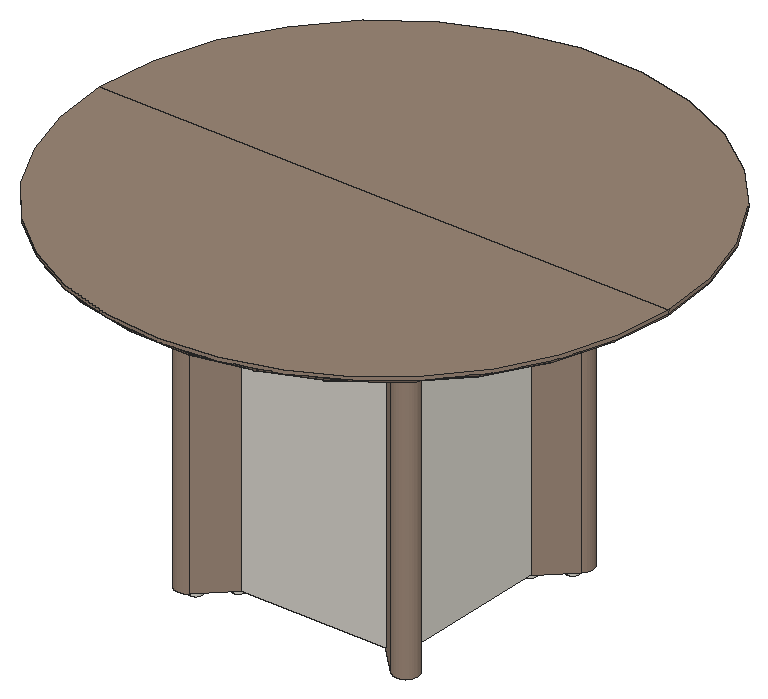
Revit family "Table-Teknion-CFRBKN_Figure_Table_Round_Gable_Enclosed_Base_Butter_Knife_Edge-R2023", category Furniture, Revit 2023
Family settings
  OmniClass Number = 23.40.20.00
  OmniClass Title = General Furniture and Specialties
  Work Plane-Based = No
  Enable Cutting in Views = No
  Always vertical = Yes
  Cut with Voids When Loaded = No
  Render Appearance Source = Family Geometry
  Shared = Yes
  Room Calculation Point = No
Parameters (values of type "Figure Table, Round, Gable Enclosed Base, Butter Knife Edge")
  Width [instance] = 48.000"
  Warranty = "http://www.teknion.com/ca/papers/legal-canada"
  Unit Weight URL = "http://www.teknion.com/ca/tools/assets#&asset=bee6a381-b954-425e-8283-5a2de3a804f2,f828d448-4b62-4231-9e5f-9a8991c0ed77"
  URL = "www.teknion.com"
  Top Finish [instance] = Veneer -Teknion - UU - Rustic Oak - Sierra
  To render please download texture images found here [instance] = "https://assets.teknion.com/web/5e81352c1dfdb467/revit-material-swatches/"
  Sustainability Data = "https://www.teknion.com/ca/tools/assets#&topic=216f99a5-57a0-44fc-b10a-9dee9b29ae4c&asset=444deb64-fe58-4b68-981e-f75e97781df7,b4ff2d81-9f2e-437d-9659-7cffb09c31cf"
  Surface Power Access [instance] = if(Width > 75.000", "Select one option for surface power access. AB are not available for selected width.", if(Width = 48.000", "Only NN available for selected width.", "Select one option for surface power access. AF are not available for selected width."))  # "Only NN available for selected width."
  Series = "Custom Wood Boardroom & Reception Tables"  # constant formula
  Product Page URL = "https://www.teknion.com/ca/products/product-details?productLineId=f182336e-8e7a-673b-a6c8-ff00004460c4"
  Product Line = "Figure Table"  # constant formula
  Product Documentation Link = "https://d2r72yk5wmppdj.cloudfront.net/m/7b6608f508e3c5a8/Community_Table_Cut_Sheet.pdf"
  Part Number = "CFRBKN"  # constant formula
  NN - None [instance] = not((or([AB - 7" Compact Access Door], [AF - 12" Standard Access Door])))  # yes
  Model = "CFRBKN__"
  Manufacturer Phone = "416-661-3370"  # constant formula
  Manufacturer Fax = "416.661.4586"  # constant formula
  Manufacturer Contact Information = "http://www.teknion.com/ca/contactus"
  Manufacturer Address = "1150 Flint Road, Toronto, ON. M3J 2J5. Canada"  # constant formula
  Manufacturer = "Teknion"  # constant formula
  MR - 78W + AF [instance] = and(Width = 78.000", [AF - 12" Standard Access Door])  # no
  How To Use Teknion Materials User Guide [instance] = "https://assets.teknion.com/m/205dd0a49fa58060/original/How-to-add-a-Material-Library-and-Texture-Images-to-your-Revit-project.pdf"
  Glide Finish [instance] = Paint - Teknion - Foundation - Sand
  For Additional Finishes please visit [instance] = "https://assets.teknion.com/m/44a8009b046e5d47/original/Teknion_Materials_Library.zip"
  Dim 1 [instance] = if([2 - AB], 6.000", if(Width = 90.000", 15.000", if(Width = 84.000", 12.000", 9.000")))  # 9.000"
  Description = "Figure Table, Round, Gable Enclosed Base, Butter Knife Edge"
  Default Elevation = 0.000"
  Cut-Out - AF [instance] = if([AF - 12" Standard Access Door], 5.000", 0.300")  # 0.300"
  Cut-Out - AB 2 [instance] = if([2 - AB], 4.000", 0.300")  # 0.300"
  Cut-Out - AB 1 [instance] = if([1 - AB], 4.000", 0.300")  # 0.300"
  Base Finish [instance] = Veneer -Teknion - UU - Rustic Oak - Sierra
  Base Accent Finish [instance] = Paint - Teknion - Foundation - Sand
  Available Width [instance] = "48, 54, 60, 66, 72, 78, 84 & 90 Inch"  # constant formula
  Assembly Code = "E2020200"
  Access Door Finish [instance] = Paint - Teknion - Foundation - Sand
  AF - 12" Standard Access Door [instance] = no
  AB - 7" Compact Access Door [instance] = no
  2 - AB [instance] = and((or(Width = 66.000", Width = 72.000")), [AB - 7" Compact Access Door])  # no
  1 - AB [instance] = and((or(Width = 54.000", Width = 60.000")), [AB - 7" Compact Access Door])  # no
Reference planes (in)
  plane 1 "Center Front/Back": y = 0
  plane 2: z = 0
  plane 3 "Center Left/Right": x = 0
  plane 4 "Left": x = -24
  plane 5 "Right": x = 24
  plane 6 "Back": y = 24
  plane 7 "Front": y = -24
  plane 8 "Top": z = 29
  plane 9: y = 9
  plane 10: y = -9
  plane 11: z = 27.5
  plane 12: z = 26.75197
Forms (in)
  Revolve 1, solid, material "Veneer -Teknion - UU - Rustic Oak - Sierra" <- "Top Finish"
    sketch origin (0, 0, 0) x (1, 0, 0) y (0, 0, 1)
      loop
        line (0, 29) -> (0, 27.5) -> (21.25591, 27.5) -> (23.43701, 28.29386)
        arc (23.43701, 28.29386) -> (23.62979, 28.37996) -> (23.80846, 28.49249) r 1.48819
        arc (23.80846, 28.49249) -> (23.91865, 28.59654) -> (24, 28.72441) r 0.61417
        line (24, 28.72441) -> (24, 29) -> (0, 29)
      axis (0, 29) -> (0, 27.5)
    angle from 0 to 360
  Revolve 2, solid, material "Veneer -Teknion - UU - Rustic Oak - Sierra" <- "Top Finish"
    sketch origin (0, 0, 0) x (1, 0, 0) y (0, 0, 1)
      loop
        line (7, 27.5) -> (7, 26.75197) -> (16, 26.75197) -> (16, 27.5) -> (7, 27.5)
      axis (0, 27.5) -> (0, 26.75197)
    angle from 0 to 360
  Sweep 3, void
    path origin (0, 0, 0) x (1, 0, 0) y (0, 0, 1)
      loop
        line (0, 32.19606) -> (0, 32.49606)
    profile origin (0, 0, 32.34606) x (-1, 0, 0) y (0, -1, 0)
      loop
        line (-5.91732, 11.29921) -> (-5.91732, 6.70079)
        arc (-5.91732, 6.70079) -> (-5.80201, 6.4224) -> (-5.52362, 6.30709) r 0.3937
        line (-5.52362, 6.30709) -> (5.52362, 6.30709)
        arc (5.52362, 6.30709) -> (5.80201, 6.4224) -> (5.91732, 6.70079) r 0.3937
        line (5.91732, 6.70079) -> (5.91732, 11.29921)
        arc (5.91732, 11.29921) -> (5.80201, 11.5776) -> (5.52362, 11.69291) r 0.3937
        line (5.52362, 11.69291) -> (-5.52362, 11.69291)
        arc (-5.52362, 11.69291) -> (-5.80201, 11.5776) -> (-5.91732, 11.29921) r 0.3937
      loop
        line (-5.91732, -6.70079) -> (-5.91732, -11.29921)
        arc (-5.91732, -11.29921) -> (-5.80201, -11.5776) -> (-5.52362, -11.69291) r 0.3937
        line (-5.52362, -11.69291) -> (5.52362, -11.69291)
        arc (5.52362, -11.69291) -> (5.80201, -11.5776) -> (5.91732, -11.29921) r 0.3937
        line (5.91732, -11.29921) -> (5.91732, -6.70079)
        arc (5.91732, -6.70079) -> (5.80201, -6.4224) -> (5.52362, -6.30709) r 0.3937
        line (5.52362, -6.30709) -> (-5.52362, -6.30709)
        arc (-5.52362, -6.30709) -> (-5.80201, -6.4224) -> (-5.91732, -6.70079) r 0.3937
  Sweep 4, void
    path origin (0, 0, 0) x (1, 0, 0) y (0, 0, 1)
      loop
        line (0, 22.79606) -> (0, 22.49606)
    profile origin (0, 0, 22.64606) x (0, -1, 0) y (1, 0, 0)
      loop
        line (5.25, 8) -> (5.25, -8)
        arc (5.25, -8) -> (5.39645, -8.35355) -> (5.75, -8.5) r 0.5
        line (5.75, -8.5) -> (12.25, -8.5)
        arc (12.25, -8.5) -> (12.60355, -8.35355) -> (12.75, -8) r 0.5
        line (12.75, -8) -> (12.75, 8)
        arc (12.75, 8) -> (12.60355, 8.35355) -> (12.25, 8.5) r 0.5
        line (12.25, 8.5) -> (5.75, 8.5)
        arc (5.75, 8.5) -> (5.39645, 8.35355) -> (5.25, 8) r 0.5
      loop
        line (-5.25, -8) -> (-5.25, 8)
        arc (-5.25, 8) -> (-5.39645, 8.35355) -> (-5.75, 8.5) r 0.5
        line (-5.75, 8.5) -> (-12.25, 8.5)
        arc (-12.25, 8.5) -> (-12.60355, 8.35355) -> (-12.75, 8) r 0.5
        line (-12.75, 8) -> (-12.75, -8)
        arc (-12.75, -8) -> (-12.60355, -8.35355) -> (-12.25, -8.5) r 0.5
        line (-12.25, -8.5) -> (-5.75, -8.5)
        arc (-5.75, -8.5) -> (-5.39645, -8.35355) -> (-5.25, -8) r 0.5
  Sweep 5, void
    path origin (0, 0, 0) x (1, 0, 0) y (0, 0, 1)
      loop
        line (0, 31.2) -> (0, 31.5)
    profile origin (0, 0, 31.35) x (-1, 0, 0) y (0, -1, 0)
      loop
        line (3.00394, 2.69291) -> (-3.00394, 2.69291)
        arc (-3.00394, 2.69291) -> (-3.28233, 2.5776) -> (-3.39764, 2.29921) r 0.3937
        line (-3.39764, 2.29921) -> (-3.39764, -2.29921)
        arc (-3.39764, -2.29921) -> (-3.28233, -2.5776) -> (-3.00394, -2.69291) r 0.3937
        line (-3.00394, -2.69291) -> (3.00394, -2.69291)
        arc (3.00394, -2.69291) -> (3.28233, -2.5776) -> (3.39764, -2.29921) r 0.3937
        line (3.39764, -2.29921) -> (3.39764, 2.29921)
        arc (3.39764, 2.29921) -> (3.28233, 2.5776) -> (3.00394, 2.69291) r 0.3937
  Sweep 6, void
    path origin (0, 0, 0) x (1, 0, 0) y (0, 0, 1)
      loop
        line (0, 31.5) -> (0, 31.2)
    profile origin (0, 0, 31.35) x (0, -1, 0) y (1, 0, 0)
      loop
        line (6.30709, 3.00394) -> (6.30709, -3.00394)
        arc (6.30709, -3.00394) -> (6.4224, -3.28233) -> (6.70079, -3.39764) r 0.3937
        line (6.70079, -3.39764) -> (11.29921, -3.39764)
        arc (11.29921, -3.39764) -> (11.5776, -3.28233) -> (11.69291, -3.00394) r 0.3937
        line (11.69291, -3.00394) -> (11.69291, 3.00394)
        arc (11.69291, 3.00394) -> (11.5776, 3.28233) -> (11.29921, 3.39764) r 0.3937
        line (11.29921, 3.39764) -> (6.70079, 3.39764)
        arc (6.70079, 3.39764) -> (6.4224, 3.28233) -> (6.30709, 3.00394) r 0.3937
      loop
        arc (-6.30709, 3.00394) -> (-6.4224, 3.28233) -> (-6.70079, 3.39764) r 0.3937
        line (-6.70079, 3.39764) -> (-11.29921, 3.39764)
        arc (-11.29921, 3.39764) -> (-11.5776, 3.28233) -> (-11.69291, 3.00394) r 0.3937
        line (-11.69291, 3.00394) -> (-11.69291, -3.00394)
        arc (-11.69291, -3.00394) -> (-11.5776, -3.28233) -> (-11.29921, -3.39764) r 0.3937
        line (-11.29921, -3.39764) -> (-6.70079, -3.39764)
        arc (-6.70079, -3.39764) -> (-6.4224, -3.28233) -> (-6.30709, -3.00394) r 0.3937
        line (-6.30709, -3.00394) -> (-6.30709, 3.00394)
  Sweep 7, void
    path origin (0, 0, 0) x (1, 0, 0) y (0, 0, 1)
      loop
        line (0, 23.5) -> (0, 23.8)
    profile origin (0, 0, 23.65) x (-1, 0, 0) y (0, -1, 0)
      loop
        line (-6, 12.25) -> (-6, 5.75)
        arc (-6, 5.75) -> (-5.85355, 5.39645) -> (-5.5, 5.25) r 0.5
        line (-5.5, 5.25) -> (5.5, 5.25)
        arc (5.5, 5.25) -> (5.85355, 5.39645) -> (6, 5.75) r 0.5
        line (6, 5.75) -> (6, 12.25)
        arc (6, 12.25) -> (5.85355, 12.60355) -> (5.5, 12.75) r 0.5
        line (5.5, 12.75) -> (-5.5, 12.75)
        arc (-5.5, 12.75) -> (-5.85355, 12.60355) -> (-6, 12.25) r 0.5
      loop
        arc (-6, -12.25) -> (-5.85355, -12.60355) -> (-5.5, -12.75) r 0.5
        line (-5.5, -12.75) -> (5.5, -12.75)
        arc (5.5, -12.75) -> (5.85355, -12.60355) -> (6, -12.25) r 0.5
        line (6, -12.25) -> (6, -5.75)
        arc (6, -5.75) -> (5.85355, -5.39645) -> (5.5, -5.25) r 0.5
        line (5.5, -5.25) -> (-5.5, -5.25)
        arc (-5.5, -5.25) -> (-5.85355, -5.39645) -> (-6, -5.75) r 0.5
        line (-6, -5.75) -> (-6, -12.25)
Cuts and joins
  Sweep 3, Sweep 5, Sweep 6 cuts Revolve 1
  Sweep 4, Sweep 7 cuts Revolve 2
  joined: Revolve 1, Revolve 2
Lines and regions (in)
  Masking region 1, visible <- "NN - None"
    outline origin (0, 0, 0) x (1, 0, 0) y (0, 1, 0)
      loop
        circle (0, 0) r 24
  Masking region 2, visible <- "1 - AB"
    outline origin (0, 0, 0) x (1, 0, 0) y (0, 1, 0)
      loop
        circle (0, 0) r 24
      loop
        arc (3.0315, 1.96727) -> (3.11414, 1.93304) -> (3.14837, 1.85039) r 0.11687
        line (3.14837, 1.85039) -> (3.14837, 1.55173) -> (3.22045, 1.55173) -> (3.22045, 2.28346)
        arc (3.22045, 2.28346) -> (3.15242, 2.4477) -> (2.98819, 2.51573) r 0.23226
        line (2.98819, 2.51573) -> (-2.98819, 2.51573)
        arc (-2.98819, 2.51573) -> (-3.15242, 2.4477) -> (-3.22045, 2.28346) r 0.23226
        line (-3.22045, 2.28346) -> (-3.22045, 1.55173) -> (-3.14837, 1.55173) -> (-3.14837, 1.85039)
        arc (-3.14837, 1.85039) -> (-3.11414, 1.93304) -> (-3.0315, 1.96727) r 0.11687
        line (-3.0315, 1.96727) -> (3.0315, 1.96727)
      loop
        arc (-3.0315, -1.96727) -> (-3.11414, -1.93304) -> (-3.14837, -1.85039) r 0.11687
        line (-3.14837, -1.85039) -> (-3.14837, -1.55173) -> (-3.22045, -1.55173) -> (-3.22045, -2.28346)
        arc (-3.22045, -2.28346) -> (-3.15242, -2.4477) -> (-2.98819, -2.51573) r 0.23226
        line (-2.98819, -2.51573) -> (2.98819, -2.51573)
        arc (2.98819, -2.51573) -> (3.15242, -2.4477) -> (3.22045, -2.28346) r 0.23226
        line (3.22045, -2.28346) -> (3.22045, -1.55173) -> (3.14837, -1.55173) -> (3.14837, -1.85039)
        arc (3.14837, -1.85039) -> (3.11414, -1.93304) -> (3.0315, -1.96727) r 0.11687
        line (3.0315, -1.96727) -> (-3.0315, -1.96727)
  Masking region 3, visible <- "AF - 12" Standard Access Door"
    outline origin (0, 0, 0) x (1, 0, 0) y (0, 1, 0)
      loop
        circle (0, 0) r 24
      loop
        arc (-5.55118, -10.96727) -> (-5.63382, -10.93304) -> (-5.66805, -10.85039) r 0.11687
        line (-5.66805, -10.85039) -> (-5.66805, -10.55173) -> (-5.74014, -10.55173) -> (-5.74014, -11.28346)
        arc (-5.74014, -11.28346) -> (-5.67211, -11.4477) -> (-5.50787, -11.51573) r 0.23226
        line (-5.50787, -11.51573) -> (5.50787, -11.51573)
        arc (5.50787, -11.51573) -> (5.67211, -11.4477) -> (5.74014, -11.28346) r 0.23226
        line (5.74014, -11.28346) -> (5.74014, -10.55173) -> (5.66805, -10.55173) -> (5.66805, -10.85039)
        arc (5.66805, -10.85039) -> (5.63382, -10.93304) -> (5.55118, -10.96727) r 0.11687
        line (5.55118, -10.96727) -> (-5.55118, -10.96727)
      loop
        arc (-5.50787, -6.48427) -> (-5.67211, -6.5523) -> (-5.74014, -6.71654) r 0.23226
        line (-5.74014, -6.71654) -> (-5.74014, -7.44827) -> (-5.66805, -7.44827) -> (-5.66805, -7.14961)
        arc (-5.66805, -7.14961) -> (-5.63382, -7.06696) -> (-5.55118, -7.03273) r 0.11687
        line (-5.55118, -7.03273) -> (5.55118, -7.03273)
        arc (5.55118, -7.03273) -> (5.63382, -7.06696) -> (5.66805, -7.14961) r 0.11687
        line (5.66805, -7.14961) -> (5.66805, -7.44827) -> (5.74014, -7.44827) -> (5.74014, -6.71654)
        arc (5.74014, -6.71654) -> (5.67211, -6.5523) -> (5.50787, -6.48427) r 0.23226
        line (5.50787, -6.48427) -> (-5.50787, -6.48427)
      loop
        arc (5.55118, 10.96727) -> (5.63382, 10.93304) -> (5.66805, 10.85039) r 0.11687
        line (5.66805, 10.85039) -> (5.66805, 10.55173) -> (5.74014, 10.55173) -> (5.74014, 11.28346)
        arc (5.74014, 11.28346) -> (5.67211, 11.4477) -> (5.50787, 11.51573) r 0.23226
        line (5.50787, 11.51573) -> (-5.50787, 11.51573)
        arc (-5.50787, 11.51573) -> (-5.67211, 11.4477) -> (-5.74014, 11.28346) r 0.23226
        line (-5.74014, 11.28346) -> (-5.74014, 10.55173) -> (-5.66805, 10.55173) -> (-5.66805, 10.85039)
        arc (-5.66805, 10.85039) -> (-5.63382, 10.93304) -> (-5.55118, 10.96727) r 0.11687
        line (-5.55118, 10.96727) -> (5.55118, 10.96727)
      loop
        arc (-5.55118, 7.03273) -> (-5.63382, 7.06696) -> (-5.66805, 7.14961) r 0.11687
        line (-5.66805, 7.14961) -> (-5.66805, 7.44827) -> (-5.74014, 7.44827) -> (-5.74014, 6.71654)
        arc (-5.74014, 6.71654) -> (-5.67211, 6.5523) -> (-5.50787, 6.48427) r 0.23226
        line (-5.50787, 6.48427) -> (5.50787, 6.48427)
        arc (5.50787, 6.48427) -> (5.67211, 6.5523) -> (5.74014, 6.71654) r 0.23226
        line (5.74014, 6.71654) -> (5.74014, 7.44827) -> (5.66805, 7.44827) -> (5.66805, 7.14961)
        arc (5.66805, 7.14961) -> (5.63382, 7.06696) -> (5.55118, 7.03273) r 0.11687
        line (5.55118, 7.03273) -> (-5.55118, 7.03273)
  Masking region 4, visible <- "2 - AB"
    outline origin (0, 0, 0) x (1, 0, 0) y (0, 1, 0)
      loop
        circle (0, 0) r 24
      loop
        arc (3.0315, 10.96727) -> (3.11414, 10.93304) -> (3.14837, 10.85039) r 0.11687
        line (3.14837, 10.85039) -> (3.14837, 10.55173) -> (3.22045, 10.55173) -> (3.22045, 11.28346)
        arc (3.22045, 11.28346) -> (3.15242, 11.4477) -> (2.98819, 11.51573) r 0.23226
        line (2.98819, 11.51573) -> (-2.98819, 11.51573)
        arc (-2.98819, 11.51573) -> (-3.15242, 11.4477) -> (-3.22045, 11.28346) r 0.23226
        line (-3.22045, 11.28346) -> (-3.22045, 10.55173) -> (-3.14837, 10.55173) -> (-3.14837, 10.85039)
        arc (-3.14837, 10.85039) -> (-3.11414, 10.93304) -> (-3.0315, 10.96727) r 0.11687
        line (-3.0315, 10.96727) -> (3.0315, 10.96727)
      loop
        arc (-3.0315, 7.03273) -> (-3.11414, 7.06696) -> (-3.14837, 7.14961) r 0.11687
        line (-3.14837, 7.14961) -> (-3.14837, 7.44827) -> (-3.22045, 7.44827) -> (-3.22045, 6.71654)
        arc (-3.22045, 6.71654) -> (-3.15242, 6.5523) -> (-2.98819, 6.48427) r 0.23226
        line (-2.98819, 6.48427) -> (2.98819, 6.48427)
        arc (2.98819, 6.48427) -> (3.15242, 6.5523) -> (3.22045, 6.71654) r 0.23226
        line (3.22045, 6.71654) -> (3.22045, 7.44827) -> (3.14837, 7.44827) -> (3.14837, 7.14961)
        arc (3.14837, 7.14961) -> (3.11414, 7.06696) -> (3.0315, 7.03273) r 0.11687
        line (3.0315, 7.03273) -> (-3.0315, 7.03273)
      loop
        arc (3.0315, -7.03273) -> (3.11414, -7.06696) -> (3.14837, -7.14961) r 0.11687
        line (3.14837, -7.14961) -> (3.14837, -7.44827) -> (3.22045, -7.44827) -> (3.22045, -6.71654)
        arc (3.22045, -6.71654) -> (3.15242, -6.5523) -> (2.98819, -6.48427) r 0.23226
        line (2.98819, -6.48427) -> (-2.98819, -6.48427)
        arc (-2.98819, -6.48427) -> (-3.15242, -6.5523) -> (-3.22045, -6.71654) r 0.23226
        line (-3.22045, -6.71654) -> (-3.22045, -7.44827) -> (-3.14837, -7.44827) -> (-3.14837, -7.14961)
        arc (-3.14837, -7.14961) -> (-3.11414, -7.06696) -> (-3.0315, -7.03273) r 0.11687
        line (-3.0315, -7.03273) -> (3.0315, -7.03273)
      loop
        arc (-3.0315, -10.96727) -> (-3.11414, -10.93304) -> (-3.14837, -10.85039) r 0.11687
        line (-3.14837, -10.85039) -> (-3.14837, -10.55173) -> (-3.22045, -10.55173) -> (-3.22045, -11.28346)
        arc (-3.22045, -11.28346) -> (-3.15242, -11.4477) -> (-2.98819, -11.51573) r 0.23226
        line (-2.98819, -11.51573) -> (2.98819, -11.51573)
        arc (2.98819, -11.51573) -> (3.15242, -11.4477) -> (3.22045, -11.28346) r 0.23226
        line (3.22045, -11.28346) -> (3.22045, -10.55173) -> (3.14837, -10.55173) -> (3.14837, -10.85039)
        arc (3.14837, -10.85039) -> (3.11414, -10.93304) -> (3.0315, -10.96727) r 0.11687
        line (3.0315, -10.96727) -> (-3.0315, -10.96727)
  Masking region 5, visible <- "1 - AB"
    outline origin (0, 0, 0) x (1, 0, 0) y (0, 1, 0)
      loop
        line (-0.55305, 1.96727) -> (-1.10151, 2.51573) -> (-2.98819, 2.51573)
        arc (-2.98819, 2.51573) -> (-3.15242, 2.4477) -> (-3.22045, 2.28346) r 0.23226
        line (-3.22045, 2.28346) -> (-3.22045, 1.80624) -> (-3.14837, 1.73416) -> (-3.14837, 1.85039)
        arc (-3.14837, 1.85039) -> (-3.11414, 1.93304) -> (-3.0315, 1.96727) r 0.11687
        line (-3.0315, 1.96727) -> (-0.55305, 1.96727)
      loop
        line (0.55305, 1.96727) -> (3.0315, 1.96727)
        arc (3.0315, 1.96727) -> (3.11414, 1.93304) -> (3.14837, 1.85039) r 0.11687
        line (3.14837, 1.85039) -> (3.14837, 1.73416) -> (3.22045, 1.80624) -> (3.22045, 2.28346)
        arc (3.22045, 2.28346) -> (3.15242, 2.4477) -> (2.98819, 2.51573) r 0.23226
        line (2.98819, 2.51573) -> (1.10151, 2.51573) -> (0.55305, 1.96727)
      loop
        arc (-3.0315, -1.96727) -> (-3.11414, -1.93304) -> (-3.14837, -1.85039) r 0.11687
        line (-3.14837, -1.85039) -> (-3.14837, -1.73416) -> (-3.22045, -1.80624) -> (-3.22045, -2.28346)
        arc (-3.22045, -2.28346) -> (-3.15242, -2.4477) -> (-2.98819, -2.51573) r 0.23226
        line (-2.98819, -2.51573) -> (-1.10151, -2.51573) -> (-0.55305, -1.96727) -> (-3.0315, -1.96727)
      loop
        arc (2.98819, -2.51573) -> (3.15242, -2.4477) -> (3.22045, -2.28346) r 0.23226
        line (3.22045, -2.28346) -> (3.22045, -1.80624) -> (3.14837, -1.73416) -> (3.14837, -1.85039)
        arc (3.14837, -1.85039) -> (3.11414, -1.93304) -> (3.0315, -1.96727) r 0.11687
        line (3.0315, -1.96727) -> (0.55305, -1.96727) -> (1.10151, -2.51573) -> (2.98819, -2.51573)
  Masking region 6, visible <- "2 - AB"
    outline origin (0, 0, 0) x (1, 0, 0) y (0, 1, 0)
      loop
        line (-2.61852, -7.03273) -> (-2.07006, -6.48427) -> (-2.98819, -6.48427)
        arc (-2.98819, -6.48427) -> (-3.15242, -6.5523) -> (-3.22045, -6.71654) r 0.23226
        line (-3.22045, -6.71654) -> (-3.22045, -7.44827) -> (-3.14837, -7.44827) -> (-3.14837, -7.14961)
        arc (-3.14837, -7.14961) -> (-3.11414, -7.06696) -> (-3.0315, -7.03273) r 0.11687
        line (-3.0315, -7.03273) -> (-2.61852, -7.03273)
      loop
        line (2.61852, -7.03273) -> (3.0315, -7.03273)
        arc (3.0315, -7.03273) -> (3.11414, -7.06696) -> (3.14837, -7.14961) r 0.11687
        line (3.14837, -7.14961) -> (3.14837, -7.44827) -> (3.22045, -7.44827) -> (3.22045, -6.71654)
        arc (3.22045, -6.71654) -> (3.15242, -6.5523) -> (2.98819, -6.48427) r 0.23226
        line (2.98819, -6.48427) -> (2.07006, -6.48427) -> (2.61852, -7.03273)
      loop
        line (-2.61852, 7.03273) -> (-3.0315, 7.03273)
        arc (-3.0315, 7.03273) -> (-3.11414, 7.06696) -> (-3.14837, 7.14961) r 0.11687
        line (-3.14837, 7.14961) -> (-3.14837, 7.44827) -> (-3.22045, 7.44827) -> (-3.22045, 6.71654)
        arc (-3.22045, 6.71654) -> (-3.15242, 6.5523) -> (-2.98819, 6.48427) r 0.23226
        line (-2.98819, 6.48427) -> (-2.07006, 6.48427) -> (-2.61852, 7.03273)
      loop
        line (2.61852, 7.03273) -> (2.07006, 6.48427) -> (2.98819, 6.48427)
        arc (2.98819, 6.48427) -> (3.15242, 6.5523) -> (3.22045, 6.71654) r 0.23226
        line (3.22045, 6.71654) -> (3.22045, 7.44827) -> (3.14837, 7.44827) -> (3.14837, 7.14961)
        arc (3.14837, 7.14961) -> (3.11414, 7.06696) -> (3.0315, 7.03273) r 0.11687
        line (3.0315, 7.03273) -> (2.61852, 7.03273)
  Masking region 7, visible <- "MR - 78W + AF"
    outline origin (0, 0, 0) x (1, 0, 0) y (0, 1, 0)
      loop
        line (-5.74014, -7.15435) -> (-5.07006, -6.48427) -> (-5.50787, -6.48427)
        arc (-5.50787, -6.48427) -> (-5.67211, -6.5523) -> (-5.74014, -6.71654) r 0.23226
        line (-5.74014, -6.71654) -> (-5.74014, -7.15435)
      loop
        line (5.74014, -7.15435) -> (5.74014, -6.71654)
        arc (5.74014, -6.71654) -> (5.67211, -6.5523) -> (5.50787, -6.48427) r 0.23226
        line (5.50787, -6.48427) -> (5.07006, -6.48427) -> (5.74014, -7.15435)
      loop
        line (-5.74014, 7.15435) -> (-5.74014, 6.71654)
        arc (-5.74014, 6.71654) -> (-5.67211, 6.5523) -> (-5.50787, 6.48427) r 0.23226
        line (-5.50787, 6.48427) -> (-5.07006, 6.48427) -> (-5.74014, 7.15435)
      loop
        line (5.74014, 7.15435) -> (5.07006, 6.48427) -> (5.50787, 6.48427)
        arc (5.50787, 6.48427) -> (5.67211, 6.5523) -> (5.74014, 6.71654) r 0.23226
        line (5.74014, 6.71654) -> (5.74014, 7.15435)
  symbolic lines
    curve 1: line (0, -109.46563, 26.75197) -> (0, -109.46563, 30.75197)
    curve 2: line (0, -117.46563, 29) -> (0, -117.46563, 31.25)
  symbolic lines, style "FurnitureHiddenLines", visible <- "1 - AB", detail levels fine
    curve 3: line (3.00394, 2.69291, 0) -> (-3.00394, 2.69291, 0)
    curve 4: arc (-3.00394, 2.69291, 0) -> (-3.28233, 2.5776, 0) -> (-3.39764, 2.29921, 0) r 0.3937
    curve 5: line (-3.39764, 2.29921, 0) -> (-3.39764, -2.29921, 0)
    curve 6: arc (-3.39764, -2.29921, 0) -> (-3.28233, -2.5776, 0) -> (-3.00394, -2.69291, 0) r 0.3937
    curve 7: line (-3.00394, -2.69291, 0) -> (3.00394, -2.69291, 0)
    curve 8: arc (3.00394, -2.69291, 0) -> (3.28233, -2.5776, 0) -> (3.39764, -2.29921, 0) r 0.3937
    curve 9: line (3.39764, -2.29921, 0) -> (3.39764, 2.29921, 0)
    curve 10: arc (3.39764, 2.29921, 0) -> (3.28233, 2.5776, 0) -> (3.00394, 2.69291, 0) r 0.3937
  symbolic lines, style "FurnitureHiddenLines", visible <- "AF - 12" Standard Access Door", detail levels fine
    curve 11: line (5.52362, -6.30709, 0) -> (-5.52362, -6.30709, 0)
    curve 12: arc (-5.52362, -6.30709, 0) -> (-5.80201, -6.4224, 0) -> (-5.91732, -6.70079, 0) r 0.3937
    curve 13: line (-5.91732, -6.70079, 0) -> (-5.91732, -11.29921, 0)
    curve 14: arc (-5.91732, -11.29921, 0) -> (-5.80201, -11.5776, 0) -> (-5.52362, -11.69291, 0) r 0.3937
    curve 15: line (-5.52362, -11.69291, 0) -> (5.52362, -11.69291, 0)
    curve 16: arc (5.52362, -11.69291, 0) -> (5.80201, -11.5776, 0) -> (5.91732, -11.29921, 0) r 0.3937
    curve 17: line (5.91732, -11.29921, 0) -> (5.91732, -6.70079, 0)
    curve 18: arc (5.91732, -6.70079, 0) -> (5.80201, -6.4224, 0) -> (5.52362, -6.30709, 0) r 0.3937
    curve 19: line (-5.52362, 6.30709, 0) -> (5.52362, 6.30709, 0)
    curve 20: arc (5.52362, 6.30709, 0) -> (5.80201, 6.4224, 0) -> (5.91732, 6.70079, 0) r 0.3937
    curve 21: line (5.91732, 6.70079, 0) -> (5.91732, 11.29921, 0)
    curve 22: arc (5.91732, 11.29921, 0) -> (5.80201, 11.5776, 0) -> (5.52362, 11.69291, 0) r 0.3937
    curve 23: line (5.52362, 11.69291, 0) -> (-5.52362, 11.69291, 0)
    curve 24: arc (-5.52362, 11.69291, 0) -> (-5.80201, 11.5776, 0) -> (-5.91732, 11.29921, 0) r 0.3937
    curve 25: line (-5.91732, 11.29921, 0) -> (-5.91732, 6.70079, 0)
    curve 26: arc (-5.91732, 6.70079, 0) -> (-5.80201, 6.4224, 0) -> (-5.52362, 6.30709, 0) r 0.3937
  reference lines
    curve 27: line (-24, 24, 0) -> (24, 24, 0)
    curve 28: line (24, 24, 0) -> (24, -24, 0)
    curve 29: line (-24, -24, 0) -> (24, -24, 0)
    curve 30: line (-24, 24, 0) -> (-24, -24, 0)
  symbolic lines, style "FurnitureHiddenLines", visible <- "2 - AB", detail levels fine
    curve 31: line (-3.39764, 11.29921, 0) -> (-3.39764, 6.70079, 0)
    curve 32: arc (-3.39764, 6.70079, 0) -> (-3.28233, 6.4224, 0) -> (-3.00394, 6.30709, 0) r 0.3937
    curve 33: line (-3.00394, 6.30709, 0) -> (3.00394, 6.30709, 0)
    curve 34: arc (3.00394, 6.30709, 0) -> (3.28233, 6.4224, 0) -> (3.39764, 6.70079, 0) r 0.3937
    curve 35: line (3.39764, 6.70079, 0) -> (3.39764, 11.29921, 0)
    curve 36: arc (3.39764, 11.29921, 0) -> (3.28233, 11.5776, 0) -> (3.00394, 11.69291, 0) r 0.3937
    curve 37: line (3.00394, 11.69291, 0) -> (-3.00394, 11.69291, 0)
    curve 38: arc (-3.00394, 11.69291, 0) -> (-3.28233, 11.5776, 0) -> (-3.39764, 11.29921, 0) r 0.3937
    curve 39: line (-3.39764, -6.70079, 0) -> (-3.39764, -11.29921, 0)
    curve 40: arc (-3.39764, -11.29921, 0) -> (-3.28233, -11.5776, 0) -> (-3.00394, -11.69291, 0) r 0.3937
    curve 41: line (-3.00394, -11.69291, 0) -> (3.00394, -11.69291, 0)
    curve 42: arc (3.00394, -11.69291, 0) -> (3.28233, -11.5776, 0) -> (3.39764, -11.29921, 0) r 0.3937
    curve 43: line (3.39764, -11.29921, 0) -> (3.39764, -6.70079, 0)
    curve 44: arc (3.39764, -6.70079, 0) -> (3.28233, -6.4224, 0) -> (3.00394, -6.30709, 0) r 0.3937
    curve 45: line (3.00394, -6.30709, 0) -> (-3.00394, -6.30709, 0)
    curve 46: arc (-3.00394, -6.30709, 0) -> (-3.28233, -6.4224, 0) -> (-3.39764, -6.70079, 0) r 0.3937
  symbolic lines, style "FurnitureHiddenLines", detail levels medium+fine
    curve 47: arc (16, 0, 0) -> (0, 16, 0) -> (-16, 0, 0) r 16
    curve 48: arc (-16, 0, 0) -> (0, -16, 0) -> (16, 0, 0) r 16
Dimensions and locks (in)
  "Width": plane 4 "Left" to plane 5 "Right"
  "Width": plane 6 "Back" to plane 7 "Front"
  locked: plane 8 "Top" to level at 29
  equal spacing: plane 6 "Back", plane 1 "Center Front/Back", plane 7 "Front"
  equal spacing: plane 4 "Left", plane 3 "Center Left/Right", plane 5 "Right"
  "Dim 1": plane 9 to plane 1 "Center Front/Back"
  "Dim 1": plane 10 to plane 1 "Center Front/Back"
  plane 8 "Top" to plane 11 to plane 12 = 1.500" locked, 0.74803" locked
  curve 2 to curve 1 = 8.000"
  locked: Revolve 2 sketch curve to plane 5 "Right" at 8
  locked: Sweep 3 sketch curve to plane 8 "Top" at 3.49606
  "Cut-Out - AF": Sweep 3 sketch curve to Sweep 3 sketch curve
  Sweep 3 sketch curve to Sweep 3 sketch curve to nested 2 to Sweep 3 sketch curve to Sweep 3 sketch curve = 0.3937" locked, 5.52362" locked, 5.52362" locked, 0.3937" locked
  Sweep 3 sketch curve to Sweep 3 sketch curve to nested 2 to Sweep 3 sketch curve to Sweep 3 sketch curve = 0.3937" locked, 2.29921" locked, 2.29921" locked, 0.3937" locked
  Sweep 3 sketch curve to Sweep 3 sketch curve to plane 10 to Sweep 3 sketch curve to Sweep 3 sketch curve = 0.3937" locked, 2.29921" locked, 2.29921" locked, 0.3937" locked
  Sweep 3 sketch curve to Sweep 3 sketch curve to plane 3 "Center Left/Right" to Sweep 3 sketch curve to Sweep 3 sketch curve = 0.3937" locked, 5.52362" locked, 5.52362" locked, 0.3937" locked
  "Cut-Out - AF": Sweep 4 sketch curve to Sweep 4 sketch curve
  locked: plane 12 to Sweep 4 sketch curve at 4.25591
  Sweep 4 sketch curve to Sweep 4 sketch curve to plane 10 to Sweep 4 sketch curve to Sweep 4 sketch curve = 0.500" locked, 3.250" locked, 3.250" locked, 0.500" locked
  Sweep 4 sketch curve to Sweep 4 sketch curve to plane 3 "Center Left/Right" to Sweep 4 sketch curve to Sweep 4 sketch curve = 0.500" locked, 8.000" locked, 8.000" locked, 0.500" locked  (x2)
  Sweep 4 sketch curve to Sweep 4 sketch curve to plane 9 to Sweep 4 sketch curve to Sweep 4 sketch curve = 0.500" locked, 3.250" locked, 3.250" locked, 0.500" locked
  "Cut-Out - AB 1": Sweep 5 sketch curve to Sweep 5 sketch curve
  locked: Sweep 5 sketch curve to plane 8 "Top" at 2.5
  Sweep 5 sketch curve to Sweep 5 sketch curve to plane 1 "Center Front/Back" to Sweep 5 sketch curve to Sweep 5 sketch curve = 0.3937" locked, 2.29921" locked, 2.29921" locked, 0.3937" locked
  Sweep 5 sketch curve to Sweep 5 sketch curve to plane 3 "Center Left/Right" to Sweep 5 sketch curve to Sweep 5 sketch curve = 0.3937" locked, 3.00394" locked, 3.00394" locked, 0.3937" locked
  "Cut-Out - AB 2": Sweep 6 sketch curve to Sweep 6 sketch curve
  locked: Sweep 6 sketch curve to plane 8 "Top" at 2.5
  Sweep 6 sketch curve to Sweep 6 sketch curve to plane 9 to Sweep 6 sketch curve to Sweep 6 sketch curve = 0.3937" locked, 2.29921" locked, 2.29921" locked, 0.3937" locked
  Sweep 6 sketch curve to Sweep 6 sketch curve to plane 10 to Sweep 6 sketch curve to Sweep 6 sketch curve = 0.3937" locked, 2.29921" locked, 2.29921" locked, 0.3937" locked
  Sweep 6 sketch curve to Sweep 6 sketch curve to plane 3 "Center Left/Right" to Sweep 6 sketch curve to Sweep 6 sketch curve = 0.3937" locked, 3.00394" locked, 3.00394" locked, 0.3937" locked  (x2)
  locked: plane 12 to Sweep 7 sketch curve at 3.25197
  "Cut-Out - AB 2": Sweep 7 sketch curve to Sweep 7 sketch curve
  Sweep 7 sketch curve to Sweep 7 sketch curve to plane 3 "Center Left/Right" to Sweep 7 sketch curve to Sweep 7 sketch curve = 0.500" locked, 5.500" locked, 5.500" locked, 0.500" locked  (x2)
  Sweep 7 sketch curve to Sweep 7 sketch curve to plane 10 to Sweep 7 sketch curve to Sweep 7 sketch curve = 0.500" locked, 3.250" locked, 3.250" locked, 0.500" locked
  Sweep 7 sketch curve to Sweep 7 sketch curve to plane 9 to Sweep 7 sketch curve to Sweep 7 sketch curve = 0.500" locked, 3.250" locked, 3.250" locked, 0.500" locked
  locked: Revolve 2 sketch curve to plane 3 "Center Left/Right" at 7
  plane 10 to Masking region 6 sketch curve to Masking region 6 sketch curve to Masking region 6 sketch curve to Masking region 6 sketch curve to Masking region 6 sketch curve = 1.55173" locked, 0.29867" locked, 0.11687" locked, 0.3162" locked, 0.23226" locked  (x2)
  Masking region 6 sketch curve to Masking region 6 sketch curve to Masking region 6 sketch curve to Masking region 6 sketch curve to plane 3 "Center Left/Right" = 0.07208" locked, 0.52985" locked, 0.54846" locked, 2.07006" locked  (x4)
  plane 9 to Masking region 6 sketch curve to Masking region 6 sketch curve to Masking region 6 sketch curve to Masking region 6 sketch curve to Masking region 6 sketch curve = 1.55173" locked, 0.29867" locked, 0.11687" locked, 0.3162" locked, 0.23226" locked  (x2)
  Masking region 7 sketch curve to Masking region 7 sketch curve to Masking region 7 sketch curve to plane 3 "Center Left/Right" = 0.23226" locked, 0.43781" locked, 5.07006" locked  (x4)
  plane 10 to Masking region 7 sketch curve to Masking region 7 sketch curve = 1.84565" locked, 0.67007" locked  (x2)
  plane 9 to Masking region 7 sketch curve to Masking region 7 sketch curve = 1.84565" locked, 0.67007" locked  (x2)
  Revolve 1 sketch curve to Revolve 1 sketch curve to Revolve 1 sketch curve to Revolve 1 sketch curve to Revolve 1 sketch curve to plane 5 "Right" = 1.67211" locked, 0.50899" locked, 0.00809" locked, 0.36336" locked, 0.19154" locked
  aligned and locked: level to plane 2
  aligned and locked: Revolve 1 sketch curve to plane 8 "Top"
  aligned and locked: Revolve 1 sketch curve to plane 3 "Center Left/Right"  (x2)
  aligned and locked: plane 11 to Revolve 1 sketch curve
  aligned and locked: Revolve 2 sketch curve to plane 11
  aligned and locked: plane 12 to Revolve 2 sketch curve
  aligned and locked: Revolve 2 sketch curve to plane 3 "Center Left/Right"
  aligned and locked: plane 10 to nested 3
  aligned and locked: plane 3 "Center Left/Right" to nested 3
  aligned and locked: nested 2 to plane 9
  aligned and locked: plane 3 "Center Left/Right" to nested 2
  aligned and locked: plane 1 "Center Front/Back" to nested 1
  aligned and locked: plane 3 "Center Left/Right" to nested 1
  aligned and locked: plane 3 "Center Left/Right" to Sweep 3 sketch curve
  aligned and locked: plane 8 "Top" to nested 3
  aligned and locked: plane 8 "Top" to nested 2
  aligned and locked: plane 8 "Top" to nested 1
  aligned and locked: Sweep 4 sketch curve to plane 3 "Center Left/Right"
  aligned and locked: plane 3 "Center Left/Right" to Sweep 5 sketch curve
  aligned and locked: Masking region 1 sketch curve to cut or joined group of Revolve 1, Revolve 2, Sweep 3, Sweep 4, Sweep 5, Sweep 6, Sweep 7  (x2)
  aligned and locked: Masking region 2 sketch curve to cut or joined group of Revolve 1, Revolve 2, Sweep 3, Sweep 4, Sweep 5, Sweep 6, Sweep 7  (x2)
  aligned and locked: nested 1 to Masking region 2 sketch curve  (x5)
  aligned and locked: Masking region 2 sketch curve to nested 1  (x9)
  aligned and locked: Masking region 3 sketch curve to cut or joined group of Revolve 1, Revolve 2, Sweep 3, Sweep 4, Sweep 5, Sweep 6, Sweep 7  (x2)
  aligned and locked: nested 3 to Masking region 3 sketch curve  (x7)
  aligned and locked: Masking region 3 sketch curve to nested 3  (x9)
  aligned and locked: nested 2 to Masking region 3 sketch curve  (x5)
  aligned and locked: Masking region 3 sketch curve to nested 2  (x10)
  aligned and locked: curve 4 to Sweep 5
  aligned and locked: curve 6 to Sweep 5
  aligned and locked: curve 8 to Sweep 5
  aligned and locked: curve 10 to Sweep 5
  aligned and locked: curve 12 to Sweep 3
  aligned and locked: curve 14 to Sweep 3
  aligned and locked: curve 16 to Sweep 3
  aligned and locked: curve 18 to Sweep 3
  aligned and locked: curve 20 to Sweep 3
  aligned and locked: curve 22 to Sweep 3
  aligned and locked: curve 24 to Sweep 3
  aligned and locked: curve 26 to Sweep 3
  aligned and locked: curve 27 to plane 6 "Back"
  aligned and locked: plane 5 "Right" to curve 28
  aligned and locked: plane 7 "Front" to curve 29
  aligned and locked: curve 30 to plane 4 "Left"
  aligned and locked: plane 1 "Center Front/Back" to nested 4
  aligned and locked: plane 3 "Center Left/Right" to nested 4
  aligned and locked: nested 5 to plane 9
  aligned and locked: plane 10 to nested 6
  aligned and locked: plane 3 "Center Left/Right" to nested 6
  aligned and locked: plane 3 "Center Left/Right" to nested 5
  aligned and locked: Sweep 6 sketch curve to plane 3 "Center Left/Right"
  aligned and locked: plane 3 "Center Left/Right" to Sweep 7 sketch curve
  aligned and locked: curve 32 to Sweep 6
  aligned and locked: curve 34 to Sweep 6
  aligned and locked: curve 36 to Sweep 6
  aligned and locked: curve 38 to Sweep 6
  aligned and locked: curve 40 to Sweep 6
  aligned and locked: curve 42 to Sweep 6
  aligned and locked: curve 44 to Sweep 6
  aligned and locked: curve 46 to Sweep 6
  aligned and locked: Masking region 4 sketch curve to cut or joined group of Revolve 1, Revolve 2, Sweep 3, Sweep 4, Sweep 5, Sweep 6, Sweep 7  (x2)
  aligned and locked: nested 5 to Masking region 4 sketch curve  (x5)
  aligned and locked: Masking region 4 sketch curve to nested 5  (x9)
  aligned and locked: nested 6 to Masking region 4 sketch curve  (x5)
  aligned and locked: Masking region 4 sketch curve to nested 6  (x9)
  aligned and locked: plane 1 "Center Front/Back" to nested 7
  aligned and locked: nested 7 to plane 3 "Center Left/Right"
  aligned and locked: nested 7 to Masking region 5 sketch curve  (x7)
  aligned and locked: nested 1 to Masking region 5 sketch curve
  aligned and locked: Masking region 5 sketch curve to nested 1  (x8)
  aligned and locked: Masking region 5 sketch curve to nested 7
  aligned and locked: curve 47 to cut or joined group of Revolve 1, Revolve 2, Sweep 3, Sweep 4, Sweep 5, Sweep 6, Sweep 7
  aligned and locked: curve 48 to cut or joined group of Revolve 1, Revolve 2, Sweep 3, Sweep 4, Sweep 5, Sweep 6, Sweep 7
Automatic sketch dimensions
  curve 2 to plane 8 "Top" = 0.000"
  curve 1 to plane 12 = 0.000"
  plane 7 "Front" to curve 2 = 93.46563"
  plane 8 "Top" to curve 1 = 1.75197"
  plane 8 "Top" to curve 2 = 2.250"
  plane 1 "Center Front/Back" to Masking region 1 sketch curve = 0.000"  (x2)
  plane 1 "Center Front/Back" to Masking region 2 sketch curve = 0.000"  (x2)
  Masking region 2 sketch curve to Masking region 2 sketch curve = 0.000"
  plane 1 "Center Front/Back" to Masking region 3 sketch curve = 0.000"  (x2)
  plane 1 "Center Front/Back" to Masking region 4 sketch curve = 0.000"  (x2)
  Revolve 2 sketch curve to plane 12 = 6.39609"
  plane 8 "Top" to Revolve 2 sketch curve = 3.35588"
  plane 1 "Center Front/Back" to curve 47 = 0.000"  (x2)
  Revolve 1 sketch curve to Revolve 1 sketch curve = 0.26324"
  Revolve 1 sketch curve to plane 12 = 6.75197"
  Revolve 1 sketch curve to Revolve 1 sketch curve = 6.000"
  Revolve 1 sketch curve to Revolve 1 sketch curve = 0.27559"
  plane 5 "Right" to Revolve 1 sketch curve = 0.000"
Nested families (in)
  nested 1: "7 Inch Compact Recessed Access Door" at (-1350, 150, -0.06), visible <- "1 - AB", Finish <- "Access Door Finish", type "7 Inch Compact Recessed Access Door"
    with To render please download texture images found here "https://assets.teknion.com/web/5e81352c1dfdb467/revit-material-swatches/", How To Use Teknion Materials User Guide "https://assets.teknion.com/m/205dd0a49fa58060/original/How-to-add-a-Material-Library-and-Texture-Images-to-your-Revit-project.pdf", For Additional Finishes please visit "https://assets.teknion.com/m/44a8009b046e5d47/original/Teknion_Materials_Library.zip", Finish Paint - Teknion - Foundation - Sand
  nested 2: "12 Inch Standard Recessed Access Door" at (-1350, 159, -0.06), visible <- "AF - 12" Standard Access Door", Finish <- "Access Door Finish", type "12 Inch Compact Recessed Access Door"
    with To render please download texture images found here "https://assets.teknion.com/web/5e81352c1dfdb467/revit-material-swatches/", How To Use Teknion Materials User Guide "https://assets.teknion.com/m/205dd0a49fa58060/original/How-to-add-a-Material-Library-and-Texture-Images-to-your-Revit-project.pdf", For Additional Finishes please visit "https://assets.teknion.com/m/44a8009b046e5d47/original/Teknion_Materials_Library.zip", Finish Paint - Teknion - Foundation - Sand
  nested 3: "12 Inch Standard Recessed Access Door" at (-1350, 141, -0.06), visible <- "AF - 12" Standard Access Door", Finish <- "Access Door Finish", type "12 Inch Compact Recessed Access Door"
    with To render please download texture images found here "https://assets.teknion.com/web/5e81352c1dfdb467/revit-material-swatches/", How To Use Teknion Materials User Guide "https://assets.teknion.com/m/205dd0a49fa58060/original/How-to-add-a-Material-Library-and-Texture-Images-to-your-Revit-project.pdf", For Additional Finishes please visit "https://assets.teknion.com/m/44a8009b046e5d47/original/Teknion_Materials_Library.zip", Finish Paint - Teknion - Foundation - Sand
  nested 4: "Teknion_2D_Node_Family-R2016" at (0, 0, 0), type "Teknion_2D_Node_Family-R2016"
  nested 5: "7 Inch Compact Recessed Access Door" at (-1350, 159, -0.06), visible <- "2 - AB", Finish <- "Access Door Finish", type "7 Inch Compact Recessed Access Door"
    with To render please download texture images found here "https://assets.teknion.com/web/5e81352c1dfdb467/revit-material-swatches/", How To Use Teknion Materials User Guide "https://assets.teknion.com/m/205dd0a49fa58060/original/How-to-add-a-Material-Library-and-Texture-Images-to-your-Revit-project.pdf", For Additional Finishes please visit "https://assets.teknion.com/m/44a8009b046e5d47/original/Teknion_Materials_Library.zip", Finish Paint - Teknion - Foundation - Sand
  nested 6: "7 Inch Compact Recessed Access Door" at (-1350, 141, -0.06), visible <- "2 - AB", Finish <- "Access Door Finish", type "7 Inch Compact Recessed Access Door"
    with To render please download texture images found here "https://assets.teknion.com/web/5e81352c1dfdb467/revit-material-swatches/", How To Use Teknion Materials User Guide "https://assets.teknion.com/m/205dd0a49fa58060/original/How-to-add-a-Material-Library-and-Texture-Images-to-your-Revit-project.pdf", For Additional Finishes please visit "https://assets.teknion.com/m/44a8009b046e5d47/original/Teknion_Materials_Library.zip", Finish Paint - Teknion - Foundation - Sand
  nested 7: "Round - Gable Enclosed Base" at (0, 0, 0), Width <- "Width", Base Finish <- "Base Finish", Glide Finish <- "Glide Finish", Base Accent Finish <- "Base Accent Finish", type "Round, Gable Enclosed Base"
    with Width 48.000", To render please download texture images found here "https://assets.teknion.com/web/5e81352c1dfdb467/revit-material-swatches/", How To Use Teknion Materials User Guide "https://assets.teknion.com/m/205dd0a49fa58060/original/How-to-add-a-Material-Library-and-Texture-Images-to-your-Revit-project.pdf", Glide Finish Paint - Teknion - Foundation - Sand, For Additional Finishes please visit "https://assets.teknion.com/m/44a8009b046e5d47/original/Teknion_Materials_Library.zip", Dim 5 9.657", Dim 4 6.657", Dim 3 6.657", Dim 2 14.000", Dim 1 7.500", Base Finish Veneer -Teknion - UU - Rustic Oak - Sierra, Base Accent Finish Paint - Teknion - Foundation - Sand, Available Width "48, 54, 60, 66, 72, 78, 84 & 90 Inch"
Definition of nested family "7 Inch Compact Recessed Access Door"
  Parameters (values of type "7 Inch Compact Recessed Access Door")
    Warranty = "http://www.teknion.com/ca/papers/legal-canada"
    Unit Weight URL = "http://www.teknion.com/ca/tools/assets#&asset=bee6a381-b954-425e-8283-5a2de3a804f2,f828d448-4b62-4231-9e5f-9a8991c0ed77"
    URL = "www.teknion.com"
    To render please download texture images found here [instance] = "https://assets.teknion.com/web/5e81352c1dfdb467/revit-material-swatches/"
    Sustainability Data = "https://www.teknion.com/ca/tools/assets#&topic=216f99a5-57a0-44fc-b10a-9dee9b29ae4c&asset=444deb64-fe58-4b68-981e-f75e97781df7,b4ff2d81-9f2e-437d-9659-7cffb09c31cf"
    Series = ""
    Product Page URL = ""
    Product Line = ""
    Product Documentation Link = ""
    Part Number = ""
    Model = "1"
    Manufacturer Phone = "416-661-3370"  # constant formula
    Manufacturer Fax = "416.661.4586"  # constant formula
    Manufacturer Contact Information = "http://www.teknion.com/ca/contactus"
    Manufacturer Address = "1150 Flint Road, Toronto, ON. M3J 2J5. Canada"  # constant formula
    Manufacturer = "Teknion"  # constant formula
    How To Use Teknion Materials User Guide [instance] = "https://assets.teknion.com/m/205dd0a49fa58060/original/How-to-add-a-Material-Library-and-Texture-Images-to-your-Revit-project.pdf"
    For Additional Finishes please visit [instance] = "https://assets.teknion.com/m/44a8009b046e5d47/original/Teknion_Materials_Library.zip"
    Finish [instance] = none
    Description = "7 Inch Compact Recessed Access Door"
    Default Elevation = 0.000"
    Assembly Code = "E2020200"
  Reference planes (in)
    plane 1 "Center Front/Back": y = -150
    plane 2: z = 0
    plane 3 "Center Left/Right": x = 1350
    plane 4 "Left": x = 1346.49213
    plane 5 "Right": x = 1353.50787
    plane 6 "Back": y = -147.19685
    plane 7 "Front": y = -152.80315
    plane 8 "Top": z = 29.06
    plane 9: z = 29.13087
    plane 10: z = 27.55606
  Forms (in)
    Sweep 1, solid, material <- "Finish"
      path origin (0, -150, 0) x (1, 0, 0) y (0, 0, 1)
        loop
          line (1350, 29.0915) -> (1350, 28.93402)
      profile origin (1350, -150, 29.01276) x (0, -1, 0) y (1, 0, 0)
        loop
          line (-1.96727, 3.0315) -> (-1.96727, -3.0315)
          arc (-1.96727, -3.0315) -> (-1.93304, -3.11414) -> (-1.85039, -3.14837) r 0.11687
          line (-1.85039, -3.14837) -> (1.85039, -3.14837)
          arc (1.85039, -3.14837) -> (1.93304, -3.11414) -> (1.96727, -3.0315) r 0.11687
          line (1.96727, -3.0315) -> (1.96727, 3.0315)
          arc (1.96727, 3.0315) -> (1.93304, 3.11414) -> (1.85039, 3.14837) r 0.11687
          line (1.85039, 3.14837) -> (-1.85039, 3.14837)
          arc (-1.85039, 3.14837) -> (-1.93304, 3.11414) -> (-1.96727, 3.0315) r 0.11687
    Sweep 2, solid, material <- "Finish"
      path origin (0, 0, 0) x (1, 0, 0) y (0, 1, 0)
        loop
          line (1347.54528, -150.97077) -> (1348.02559, -150.97077)
      profile origin (1347.78543, -150.97077, 0) x (0, 1, 0) y (0, 0, 1)
        loop
          arc (-0.58221, 28.65831) -> (-0.29695, 28.37305) -> (-0.01169, 28.65831) r 0.28526
          line (-0.01169, 28.65831) -> (0, 28.99307) -> (-0.5939, 28.99307) -> (-0.58221, 28.65831)
    Sweep 3, solid, material <- "Finish"
      path origin (4.42913, 2.53543, 0) x (1, 0, 0) y (0, 1, 0)
        loop
          line (1347.54528, -150.97077) -> (1348.02559, -150.97077)
      profile origin (1352.21457, -148.43533, 0) x (0, 1, 0) y (0, 0, 1)
        loop
          arc (-0.58221, 28.65831) -> (-0.29695, 28.37305) -> (-0.01169, 28.65831) r 0.28526
          line (-0.01169, 28.65831) -> (0, 28.99307) -> (-0.5939, 28.99307) -> (-0.58221, 28.65831)
    Sweep 4, solid, material <- "Finish"
      path origin (0, 0, 0) x (1, 0, 0) y (0, 1, 0)
        loop
          line (1347.47244, -150) -> (1347.05512, -150)
      profile origin (1347.26378, -150, 0) x (0, -1, 0) y (0, 0, 1)
        loop
          line (1.26772, 28.9537) -> (-1.26772, 28.9537)
          arc (-1.26772, 28.9537) -> (-1.46955, 28.8701) -> (-1.55315, 28.66827) r 0.28543
          arc (-1.55315, 28.66827) -> (-1.46955, 28.46644) -> (-1.26772, 28.38283) r 0.28543
          line (-1.26772, 28.38283) -> (1.26772, 28.38283)
          arc (1.26772, 28.38283) -> (1.46955, 28.46644) -> (1.55315, 28.66827) r 0.28543
          arc (1.55315, 28.66827) -> (1.46955, 28.8701) -> (1.26772, 28.9537) r 0.28543
    Sweep 5, solid, material <- "Finish"
      path origin (2700, 0, 0) x (-1, 0, 0) y (0, -1, 0)
        loop
          line (1347.47244, 150) -> (1347.05512, 150)
      profile origin (1352.73622, -150, 0) x (0, 1, 0) y (0, 0, 1)
        loop
          arc (-1.26772, 28.9537) -> (-1.46955, 28.8701) -> (-1.55315, 28.66827) r 0.28543
          arc (-1.55315, 28.66827) -> (-1.46955, 28.46644) -> (-1.26772, 28.38283) r 0.28543
          line (-1.26772, 28.38283) -> (1.26772, 28.38283)
          arc (1.26772, 28.38283) -> (1.46955, 28.46644) -> (1.55315, 28.66827) r 0.28543
          arc (1.55315, 28.66827) -> (1.46955, 28.8701) -> (1.26772, 28.9537) r 0.28543
          line (1.26772, 28.9537) -> (-1.26772, 28.9537)
    Sweep 6, solid, material <- "Finish"
      path origin (0, -150, 0) x (1, 0, 0) y (0, 0, 1)
        loop
          line (1350, 28.30172) -> (1350, 27.55606)
      profile origin (1350, -150, 27.92889) x (0, -1, 0) y (1, 0, 0)
        loop
          line (1.35626, -3.311) -> (2.28346, -3.311)
          arc (2.28346, -3.311) -> (2.51173, -3.21645) -> (2.60628, -2.98819) r 0.32281
          line (2.60628, -2.98819) -> (2.60628, 2.98819)
          arc (2.60628, 2.98819) -> (2.51173, 3.21645) -> (2.28346, 3.311) r 0.32281
          line (2.28346, 3.311) -> (1.35626, 3.311) -> (-1.35626, 3.311) -> (-2.28346, 3.311)
          arc (-2.28346, 3.311) -> (-2.51173, 3.21645) -> (-2.60628, 2.98819) r 0.32281
          line (-2.60628, 2.98819) -> (-2.60628, -2.98819)
          arc (-2.60628, -2.98819) -> (-2.51173, -3.21645) -> (-2.28346, -3.311) r 0.32281
          line (-2.28346, -3.311) -> (-1.35626, -3.311) -> (1.35626, -3.311)
        loop
          arc (2.28346, -3.22045) -> (2.4477, -3.15242) -> (2.51573, -2.98819) r 0.23226
          line (2.51573, -2.98819) -> (2.51573, 2.98819)
          arc (2.51573, 2.98819) -> (2.4477, 3.15242) -> (2.28346, 3.22045) r 0.23226
          line (2.28346, 3.22045) -> (1.44686, 3.22045) -> (1.44686, 2.58268) -> (-1.44686, 2.58268) -> (-1.44686, 3.22045) -> (-2.28346, 3.22045)
          arc (-2.28346, 3.22045) -> (-2.4477, 3.15242) -> (-2.51573, 2.98819) r 0.23226
          line (-2.51573, 2.98819) -> (-2.51573, -2.98819)
          arc (-2.51573, -2.98819) -> (-2.4477, -3.15242) -> (-2.28346, -3.22045) r 0.23226
          line (-2.28346, -3.22045) -> (-1.44686, -3.22045) -> (-1.44686, -2.58268) -> (1.44686, -2.58268) -> (1.44686, -3.22045) -> (2.28346, -3.22045)
    SweptBlend 7, solid, material <- "Finish"
      path origin (0, -150, 0) x (1, 0, 0) y (0, 0, 1)
        loop
          line (1350, 28.30172) -> (1350, 29.06)
      profile origin (1350, -150, 28.30172) x (-1, 0, 0) y (0, -1, 0)
        loop
          line (2.98819, 2.60628) -> (-2.98819, 2.60628)
          arc (-2.98819, 2.60628) -> (-3.21645, 2.51173) -> (-3.311, 2.28346) r 0.32281
          line (-3.311, 2.28346) -> (-3.311, -2.28346)
          arc (-3.311, -2.28346) -> (-3.21645, -2.51173) -> (-2.98819, -2.60628) r 0.32281
          line (-2.98819, -2.60628) -> (2.98819, -2.60628)
          arc (2.98819, -2.60628) -> (3.21645, -2.51173) -> (3.311, -2.28346) r 0.32281
          line (3.311, -2.28346) -> (3.311, 2.28346)
          arc (3.311, 2.28346) -> (3.21645, 2.51173) -> (2.98819, 2.60628) r 0.32281
      end profile origin (1350, -150, 29.06) x (-1, 0, 0) y (0, -1, 0)
        loop
          line (2.98819, 2.64602) -> (-2.98819, 2.64602)
          arc (-2.98819, 2.64602) -> (-3.24455, 2.53983) -> (-3.35074, 2.28346) r 0.36255
          line (-3.35074, 2.28346) -> (-3.35074, -2.28346)
          arc (-3.35074, -2.28346) -> (-3.24455, -2.53983) -> (-2.98819, -2.64602) r 0.36255
          line (-2.98819, -2.64602) -> (2.98819, -2.64602)
          arc (2.98819, -2.64602) -> (3.24455, -2.53983) -> (3.35074, -2.28346) r 0.36255
          line (3.35074, -2.28346) -> (3.35074, 2.28346)
          arc (3.35074, 2.28346) -> (3.24455, 2.53983) -> (2.98819, 2.64602) r 0.36255
    SweptBlend 8, void
      path origin (0, -150, 0) x (1, 0, 0) y (0, 0, 1)
        loop
          line (1350, 28.30172) -> (1350, 29.13087)
      profile origin (1350, -150, 28.30172) x (-1, 0, 0) y (0, -1, 0)
        loop
          arc (-2.98819, 2.51573) -> (-3.15242, 2.4477) -> (-3.22045, 2.28346) r 0.23226
          line (-3.22045, 2.28346) -> (-3.22045, -2.28346)
          arc (-3.22045, -2.28346) -> (-3.15242, -2.4477) -> (-2.98819, -2.51573) r 0.23226
          line (-2.98819, -2.51573) -> (2.98819, -2.51573)
          arc (2.98819, -2.51573) -> (3.15242, -2.4477) -> (3.22045, -2.28346) r 0.23226
          line (3.22045, -2.28346) -> (3.22045, 2.28346)
          arc (3.22045, 2.28346) -> (3.15242, 2.4477) -> (2.98819, 2.51573) r 0.23226
          line (2.98819, 2.51573) -> (-2.98819, 2.51573)
      end profile origin (1350, -150, 29.13087) x (-1, 0, 0) y (0, -1, 0)
        loop
          arc (3.26378, 2.28346) -> (3.18306, 2.47834) -> (2.98819, 2.55906) r 0.27559
          line (2.98819, 2.55906) -> (-2.98819, 2.55906)
          arc (-2.98819, 2.55906) -> (-3.18306, 2.47834) -> (-3.26378, 2.28346) r 0.27559
          line (-3.26378, 2.28346) -> (-3.26378, -2.28346)
          arc (-3.26378, -2.28346) -> (-3.18306, -2.47834) -> (-2.98819, -2.55906) r 0.27559
          line (-2.98819, -2.55906) -> (2.98819, -2.55906)
          arc (2.98819, -2.55906) -> (3.18306, -2.47834) -> (3.26378, -2.28346) r 0.27559
          line (3.26378, -2.28346) -> (3.26378, 2.28346)
    Sweep 9, solid, material <- "Finish"
      path origin (0, -150, 0) x (1, 0, 0) y (0, 0, 1)
        loop
          line (1350, 29.13087) -> (1350, 29.06)
      profile origin (1350, -150, 29.09543) x (0, -1, 0) y (1, 0, 0)
        loop
          arc (-2.80315, -3.04331) -> (-2.66708, -3.37181) -> (-2.33858, -3.50787) r 0.46457
          line (-2.33858, -3.50787) -> (2.33858, -3.50787)
          arc (2.33858, -3.50787) -> (2.66708, -3.37181) -> (2.80315, -3.04331) r 0.46457
          line (2.80315, -3.04331) -> (2.80315, 3.04331)
          arc (2.80315, 3.04331) -> (2.66708, 3.37181) -> (2.33858, 3.50787) r 0.46457
          line (2.33858, 3.50787) -> (-2.33858, 3.50787)
          arc (-2.33858, 3.50787) -> (-2.66708, 3.37181) -> (-2.80315, 3.04331) r 0.46457
          line (-2.80315, 3.04331) -> (-2.80315, -3.04331)
        loop
          arc (-2.55535, -2.98819) -> (-2.47572, -3.18044) -> (-2.28346, -3.26008) r 0.27189
          line (-2.28346, -3.26008) -> (2.28346, -3.26008)
          arc (2.28346, -3.26008) -> (2.47572, -3.18044) -> (2.55535, -2.98819) r 0.27189
          line (2.55535, -2.98819) -> (2.55535, 2.98819)
          arc (2.55535, 2.98819) -> (2.47572, 3.18044) -> (2.28346, 3.26008) r 0.27189
          line (2.28346, 3.26008) -> (-2.28346, 3.26008)
          arc (-2.28346, 3.26008) -> (-2.47572, 3.18044) -> (-2.55535, 2.98819) r 0.27189
          line (-2.55535, 2.98819) -> (-2.55535, -2.98819)
    Sweep 10, solid, material <- "Finish"
      path origin (0, 0, 0) x (1, 0, 0) y (0, 1, 0)
        loop
          line (1347.02362, -150) -> (1346.71891, -150)
      profile origin (1346.87127, -150, 0) x (0, -1, 0) y (0, 0, 1)
        loop
          line (-1.55173, 28.30409) -> (-1.47299, 28.30409) -> (-1.47161, 28.34346) -> (1.47161, 28.34346) -> (1.47299, 28.30409) -> (1.55173, 28.30409) -> (1.53742, 28.71391)
          arc (1.53742, 28.71391) -> (1.46543, 28.87559) -> (1.30134, 28.94189) r 0.23622
          line (1.30134, 28.94189) -> (-1.30134, 28.94189)
          arc (-1.30134, 28.94189) -> (-1.46543, 28.87559) -> (-1.53742, 28.71391) r 0.23622
          line (-1.53742, 28.71391) -> (-1.55173, 28.30409)
    Sweep 11, solid, material <- "Finish"
      path origin (2700, 0, 0) x (-1, 0, 0) y (0, -1, 0)
        loop
          line (1347.02362, 150) -> (1346.71891, 150)
      profile origin (1353.12873, -150, 0) x (0, 1, 0) y (0, 0, 1)
        loop
          line (1.55173, 28.30409) -> (1.53742, 28.71391)
          arc (1.53742, 28.71391) -> (1.46543, 28.87559) -> (1.30134, 28.94189) r 0.23622
          line (1.30134, 28.94189) -> (-1.30134, 28.94189)
          arc (-1.30134, 28.94189) -> (-1.46543, 28.87559) -> (-1.53742, 28.71391) r 0.23622
          line (-1.53742, 28.71391) -> (-1.55173, 28.30409) -> (-1.47299, 28.30409) -> (-1.47161, 28.34346) -> (1.47161, 28.34346) -> (1.47299, 28.30409) -> (1.55173, 28.30409)
    Sweep 12, void
      path origin (0, 0, 0) x (1, 0, 0) y (0, 1, 0)
        loop
          line (1346.93307, -150) -> (1353.06693, -150)
      profile origin (1350, -150, 0) x (0, 1, 0) y (0, 0, 1)
        loop
          line (0.17902, 28.53406) -> (0.19327, 28.94189) -> (-0.19327, 28.94189) -> (-0.17902, 28.53406)
          arc (-0.17902, 28.53406) -> (0, 28.36118) -> (0.17902, 28.53406) r 0.17913
  Cuts and joins
    joined: Sweep 1, Sweep 2, Sweep 3
    SweptBlend 8 cuts SweptBlend 7
    joined: Sweep 6, SweptBlend 7, Sweep 9
    Sweep 12 cuts Sweep 10
    Sweep 12 cuts Sweep 11
  Lines and regions (in)
    Masking region 1
      outline origin (0, 0, 0) x (1, 0, 0) y (0, 1, 0)
        loop
          line (1353.04331, -147.19685) -> (1346.95669, -147.19685)
          arc (1346.95669, -147.19685) -> (1346.62819, -147.33292) -> (1346.49213, -147.66142) r 0.46457
          line (1346.49213, -147.66142) -> (1346.49213, -152.33858)
          arc (1346.49213, -152.33858) -> (1346.62819, -152.66708) -> (1346.95669, -152.80315) r 0.46457
          line (1346.95669, -152.80315) -> (1353.04331, -152.80315)
          arc (1353.04331, -152.80315) -> (1353.37181, -152.66708) -> (1353.50787, -152.33858) r 0.46457
          line (1353.50787, -152.33858) -> (1353.50787, -147.66142)
          arc (1353.50787, -147.66142) -> (1353.37181, -147.33292) -> (1353.04331, -147.19685) r 0.46457
        loop
          line (1346.77955, -148.44827) -> (1346.85163, -148.44827) -> (1346.85163, -148.14961)
          arc (1346.85163, -148.14961) -> (1346.88586, -148.06696) -> (1346.9685, -148.03273) r 0.11687
